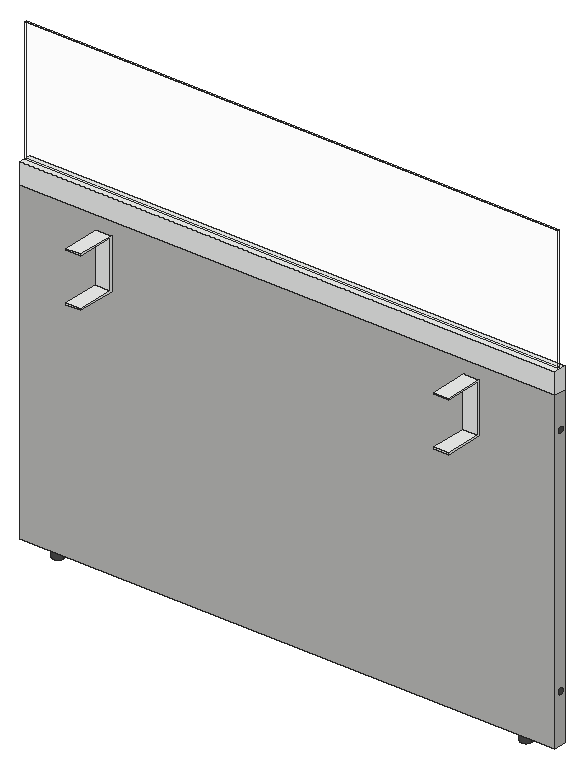
Revit family "Screens-Beam_Mounted-Teknion-JNSFGB_Floor_Screen-R20161", category Furniture, Revit 2016
Family settings
  OmniClass Number = 23.40.70.14.64.21
  OmniClass Title = Systems Furniture
  Work Plane-Based = No
  Always vertical = Yes
  Cut with Voids When Loaded = No
  Shared = Yes
  Room Calculation Point = No
Parameters (values of type "Standard Width")
  With Alignment Holes [instance] = yes
  Width [instance] = 48.000"
  Warranty = "http://www.teknion.com/ca/papers/legal-canada"
  Unit Weight URL = "http://www.teknion.com/ca/tools/assets#&asset=bee6a381-b954-425e-8283-5a2de3a804f2,f828d448-4b62-4231-9e5f-9a8991c0ed77"
  URL = "www.teknion.com"
  To render, please download texture images found here [instance] = "https://assets.teknion.com/web/5e81352c1dfdb467/revit-material-swatches/"
  Sustainability Data = "https://www.teknion.com/ca/tools/assets#&topic=216f99a5-57a0-44fc-b10a-9dee9b29ae4c&asset=444deb64-fe58-4b68-981e-f75e97781df7,b4ff2d81-9f2e-437d-9659-7cffb09c31cf"
  Standard Width = yes
  Series = "Expansion Cityline"
  Screen Finish [instance] = Foundation Laminate - Teknion - XG - Very White
  Right Offset = if(or([One Side - Right Width Extension], [Both Sides - Width Extension]), 1.016", 0.000")  # 0.000"
  Product Page URL = "https://www.teknion.com/ca/products/product-details?productlineid=9ad2a26e-8e7a-673b-a6c8-ff05004460c4"
  Product Line = "Expansion Cityline"
  Product Documentation Link = "https://www.teknion.com/pricing/expansion-cityline/pdfs/JNSFGB_ppg.pdf"
  One Side - Right Width Extension = no
  One Side - Left Width Extension = no
  Model = "JNSFGB___S_"
  Manufacturer Phone = "416-661-3370"  # constant formula
  Manufacturer Fax = "416.661.4586"  # constant formula
  Manufacturer Contact Information = "http://www.teknion.com/ca/contactus"
  Manufacturer Address = "1150 Flint Road, Toronto, ON. M3J 2J5. Canada"  # constant formula
  Manufacturer = "Teknion"  # constant formula
  Left Offset = if(or([One Side - Left Width Extension], [Both Sides - Width Extension]), 1.016", 0.000")  # 0.000"
  How To Use Teknion Materials User Guide [instance] = "https://assets.teknion.com/m/205dd0a49fa58060/original/How-to-add-a-Material-Library-and-Texture-Images-to-your-Revit-project.pdf"
  Glass Starting Height [instance] = 29.000"
  Glass Finish [instance] = Glass - Teknion - CL - Clear
  Frame Finish [instance] = Paint - Teknion - Mica - Very White
  For Additional Finishes, please visit [instance] = "https://assets.teknion.com/m/44a8009b046e5d47/original/Teknion_Materials_Library.zip"
  Description = "Floor Screen with Glass – Beam-Mounted, Standard Width"
  Datum Height [instance] = 42.000"
  Both Sides - Width Extension = no
  Available Glass Starting Height [instance] = if(Datum Height = 42.000", "Please enter in 29 inches below.", if(Datum Height = 51.000", "Please enter in 29 or 42 inches below.", "Please enter in 42 inches below."))  # "Please enter in 29 inches below."
  Available Datum Heights [instance] = "42, 51, 57 inches."  # constant formula
  Actual Glass Starting Height [instance] = if(Glass Starting Height = 29.000", 30.000", 43.000")  # 30.000"
  Bracket Spacing [instance] = Width - 15.000"  # 33.000"
  Available Widths [instance] = if([Both Sides - Width Extension], "48 to 84 inches in 6 inch increments.", "24 to 84 inches in 6 inch increments.")  # "24 to 84 inches in 6 inch increments."
  Assembly Code = "E2020200"
Types (5): name | Standard Width | Right Offset | One Side - Right Width Extension | One Side - Left Width Extension | Model | Left Offset | Description | Both Sides - Width Extension | Available Widths
  (no name) | yes | 0.000" | no | no | "JNSFGB___S_" | 0.000" | "Floor Screen with Glass – Beam-Mounted, Standard Width" | no | "24 to 84 inches in 6 inch increments."
  Standard Width | yes | 0.000" | no | no | "JNSFGB___S_" | 0.000" | "Floor Screen with Glass – Beam-Mounted, Standard Width" | no | "24 to 84 inches in 6 inch increments."
  Both Sides Width Extension | no | 1.016" | no | no | "JNSFGB___B_" | 1.016" | "Floor Screen with Glass – Beam-Mounted, Both Sides Width Extension" | yes | "48 to 84 inches in 6 inch increments."
  One Side - Left Width Extension | no | 0.000" | no | yes | "JNSFGB___L_" | 1.016" | "Floor Screen with Glass – Beam-Mounted, One Side - Left Width Extension" | no | "24 to 84 inches in 6 inch increments."
  One Side - Right Width Extension | no | 1.016" | yes | no | "JNSFGB___R_" | 0.000" | "Floor Screen with Glass – Beam-Mounted, One Side - Right Width Extension" | no | "24 to 84 inches in 6 inch increments."
Reference planes (in)
  plane 1 "Center F/B": y = 0.50787
  plane 2: z = 0
  plane 3 "Center L/R": x = 0
  plane 4 "Top": z = 42
  plane 5: x = -24
  plane 6: y = 0
  plane 7: y = 1.01575
  plane 8: x = 24
  plane 9: y = -0.11811
  plane 10 "Left Offset": x = -24
  plane 11 "Right Offset": x = 24
  plane 12: z = 27.81102
  plane 13: z = 23.30315
  plane 14: z = 27.69291
  plane 15: z = 23.42126
  plane 16: y = -3.38583
  plane 17: x = -16.5
  plane 18: x = 16.5
  plane 19: z = 30
Forms (in)
  Sweep 1, solid, material "Foundation Laminate - Teknion - XG - Very White" <- "Screen Finish"
    path origin (0, 0, 0) x (1, 0, 0) y (0, 1, 0)
      loop
        line (-24, 0) -> (-24, 1.01575)
    profile origin (-24, 0.50787, 0) x (-1, 0, 0) y (0, 0, 1)
      loop
        line (0, 29) -> (-48, 29) -> (-48, 0.60236) -> (0, 0.60236) -> (0, 29)
  Sweep 2, solid, material "Glass - Teknion - CL - Clear" <- "Glass Finish"
    path origin (0, 0, 0) x (1, 0, 0) y (0, 1, 0)
      loop
        line (-23.94094, 0.38976) -> (-23.94094, 0.62598)
    profile origin (-23.94094, 0.50787, 0) x (-1, 0, 0) y (0, 0, 1)
      loop
        line (0, 42) -> (-47.88189, 42) -> (-47.88189, 30.88976) -> (0, 30.88976) -> (0, 42)
  Sweep 3, solid, material "Paint - Teknion - Mica - Very White" <- "Frame Finish"
    path origin (0, 0, 0) x (1, 0, 0) y (0, 1, 0)
      loop
        line (-23.94094, 0) -> (-23.94094, 1.01575)
    profile origin (-23.94094, 0.50787, 0) x (-1, 0, 0) y (0, 0, 1)
      loop
        line (0.05906, 30.88976) -> (-47.94094, 30.88976) -> (-47.94094, 29) -> (0.05906, 29) -> (0.05906, 30.88976)
  Sweep 4, solid, material "Plastic - Teknion - E - Ebony"
    path origin (0, 0.50787, 0) x (1, 0, 0) y (0, 0, 1)
      loop
        line (-21, 0) -> (-21, 0.60236)
    profile origin (-21, 0.50787, 0.30118) x (-1, 0, 0) y (0, -1, 0)
      loop
        circle (0, 0) r 0.5
      loop
        circle (-42, 0) r 0.5
  Sweep 5, solid, material "Paint - Teknion - Mica - Very White" <- "Frame Finish"
    path origin (0, 0, 0) x (1, 0, 0) y (0, 1, 0)
      loop
        line (-17.16929, -3.38583) -> (-15.83071, -3.38583)
    profile origin (-16.5, -3.38583, 0) x (0, 1, 0) y (0, 0, 1)
      loop
        line (0, 27.69291) -> (3.26772, 27.69291) -> (3.26772, 23.42126) -> (0, 23.42126) -> (0, 23.30315) -> (3.38583, 23.30315) -> (3.38583, 27.81102) -> (0, 27.81102) -> (0, 27.69291)
  Sweep 6, solid, material "Paint - Teknion - Mica - Very White" <- "Frame Finish"
    path origin (9, 0, 0) x (1, 0, 0) y (0, 1, 0)
      loop
        line (6.83071, -3.38583) -> (8.16929, -3.38583)
    profile origin (16.5, -3.38583, 0) x (0, 1, 0) y (0, 0, 1)
      loop
        line (0, 27.69291) -> (3.26772, 27.69291) -> (3.26772, 23.42126) -> (0, 23.42126) -> (0, 23.30315) -> (3.38583, 23.30315) -> (3.38583, 27.81102) -> (0, 27.81102) -> (0, 27.69291)
  Sweep 7, solid, material "Plastic - Teknion - E - Ebony", visible <- "With Alignment Holes"
    path origin (0, 0, 0) x (1, 0, 0) y (0, 1, 0)
      loop
        line (-24, 0.50787) -> (-24.07874, 0.50787)
    profile origin (-24.03937, 0.50787, 0) x (0, -1, 0) y (0, 0, 1)
      loop
        circle (0, 26) r 0.23571
      loop
        circle (0, 5.0005) r 0.23571
  Sweep 8, solid, material "Plastic - Teknion - E - Ebony", visible <- "With Alignment Holes"
    path origin (1.016, 0, 0) x (-1, 0, 0) y (0, 1, 0)
      loop
        line (-22.984, 0.50787) -> (-23.06274, 0.50787)
    profile origin (24.03937, 0.50787, 0) x (0, 1, 0) y (0, 0, 1)
      loop
        circle (0, 26) r 0.23571
      loop
        circle (0, 5.0005) r 0.23571
Lines and regions (in)
  Masking region 1
    outline origin (0, 0, 0) x (1, 0, 0) y (0, 1, 0)
      loop
        line (-24, 1.01575) -> (-24, 0) -> (24, 0) -> (24, 1.01575) -> (-24, 1.01575)
  Masking region 2, visible <- "With Alignment Holes"
    outline origin (0, 0, 0) x (1, 0, 0) y (0, 1, 0)
      loop
        line (-24, 0.74358) -> (-24.07874, 0.74358) -> (-24.07874, 0.27216) -> (-24, 0.27216) -> (-24, 0.74358)
      loop
        line (24, 0.27216) -> (24.07874, 0.27216) -> (24.07874, 0.74358) -> (24, 0.74358) -> (24, 0.27216)
  Masking region 3
    outline origin (0, 0, 0) x (1, 0, 0) y (0, 1, 0)
      loop
        line (-15.83071, -3.38583) -> (-15.83071, 0) -> (-17.16929, 0) -> (-17.16929, -3.38583) -> (-15.83071, -3.38583)
      loop
        line (15.83071, -3.38583) -> (17.16929, -3.38583) -> (17.16929, 0) -> (15.83071, 0) -> (15.83071, -3.38583)
  symbolic lines
    curve 1: line (-23.94094, 0.62598, 0) -> (23.94094, 0.62598, 0)
    curve 2: line (-23.94094, 0.38976, 0) -> (-23.94094, 0.62598, 0)
    curve 3: line (23.94094, 0.38976, 0) -> (-23.94094, 0.38976, 0)
    curve 4: line (23.94094, 0.62598, 0) -> (23.94094, 0.38976, 0)
  symbolic lines, detail levels fine
    curve 5: arc (-20.5, 0.50787, 0) -> (-21, 1.00787, 0) -> (-21.5, 0.50787, 0) r 0.5
    curve 6: arc (-21.5, 0.50787, 0) -> (-21, 0.00787, 0) -> (-20.5, 0.50787, 0) r 0.5
    curve 7: arc (20.5, 0.50787, 0) -> (21, 0.00787, 0) -> (21.5, 0.50787, 0) r 0.5
    curve 8: arc (21.5, 0.50787, 0) -> (21, 1.00787, 0) -> (20.5, 0.50787, 0) r 0.5
    curve 9: line (-17.16929, -0.11811, 0) -> (-15.83071, -0.11811, 0)
    curve 10: line (15.83071, -0.11811, 0) -> (17.16929, -0.11811, 0)
  reference lines, not visible
    curve 11: line (-24, 1.01575, 0) -> (-24, 0, 0)
    curve 12: line (24, 1.01575, 0) -> (24, 0, 0)
Dimensions and locks (in)
  "Datum Height": plane 4 "Top" to level
  equal spacing: plane 6, plane 1 "Center F/B", plane 7
  locked: plane 7 to plane 6 at 1.01575
  locked: plane 6 to plane 9 at 0.11811
  "Width": plane 5 to plane 8
  "Left Offset": plane 10 "Left Offset" to plane 5
  "Right Offset": plane 8 to plane 11 "Right Offset"
  locked: Sweep 2 sketch curve to plane 10 "Left Offset" at 0.05906
  locked: plane 11 "Right Offset" to Sweep 2 sketch curve at 0.05906
  locked: plane 5 to Sweep 4 sketch curve at 3
  locked: plane 7 to Sweep 4 sketch curve at 0.50787  (x2)
  locked: Sweep 4 sketch curve to plane 8 at 3
  plane 2 to plane 13 to plane 15 to plane 14 to plane 12 = 23.30315" locked, 0.11811" locked, 4.27165" locked, 0.11811" locked
  locked: plane 9 to plane 16 at 3.26772
  equal spacing: plane 18, plane 3 "Center L/R", plane 17
  Sweep 5 to plane 17 to Sweep 5 = 0.66929" locked, 0.66929" locked
  "Bracket Spacing": plane 18 to plane 17
  Sweep 6 to plane 18 to Sweep 6 = 0.66929" locked, 0.66929" locked
  "Actual Glass Starting Height": plane 19 to level
  locked: Sweep 2 sketch curve to plane 19 at 0.88976
  Sweep 3 sketch curve to plane 19 to Sweep 3 sketch curve = 0.88976" locked, 1.000" locked
  locked: plane 19 to Sweep 1 sketch curve at 1
  locked: Sweep 7 sketch curve to plane 2 at 5.0005
  locked: plane 1 "Center F/B" to Sweep 7 sketch curve at 0  (x2)
  locked: Sweep 7 sketch curve to plane 19 at 4
  locked: Sweep 8 sketch curve to Sweep 8 sketch curve at 0.07874
  locked: Sweep 7 sketch curve to Sweep 7 sketch curve at 0.07874
  locked: Sweep 8 sketch curve to plane 19 at 4
  locked: plane 1 "Center F/B" to Sweep 8 sketch curve at 0  (x2)
  locked: Sweep 8 sketch curve to plane 2 at 5.0005
  Masking region 2 sketch curve to plane 1 "Center F/B" to Masking region 2 sketch curve = 0.23571" locked, 0.23571" locked  (x2)
  equal spacing: plane 5, plane 3 "Center L/R", plane 8
  aligned and locked: plane 2 to level
  aligned and locked: Sweep 3 sketch curve to plane 11 "Right Offset"
  aligned and locked: Sweep 1 sketch curve to plane 11 "Right Offset"
  aligned and locked: plane 10 "Left Offset" to Sweep 1 sketch curve
  aligned and locked: plane 10 "Left Offset" to Sweep 3 sketch curve
  aligned and locked: plane 14 to Sweep 5 sketch curve
  aligned and locked: plane 12 to Sweep 5 sketch curve
  aligned and locked: plane 9 to Sweep 5 sketch curve
  aligned and locked: plane 6 to Sweep 5 sketch curve
  aligned and locked: plane 13 to Sweep 5 sketch curve
  aligned and locked: plane 15 to Sweep 5 sketch curve
  aligned and locked: plane 16 to Sweep 5 sketch curve  (x2)
  aligned and locked: Sweep 6 sketch curve to plane 12
  aligned and locked: Sweep 6 sketch curve to plane 14
  aligned and locked: plane 16 to Sweep 6 sketch curve  (x2)
  aligned and locked: Sweep 6 sketch curve to plane 9
  aligned and locked: Sweep 6 sketch curve to plane 6
  aligned and locked: Sweep 6 sketch curve to plane 13
  aligned and locked: Sweep 6 sketch curve to plane 15
  aligned and locked: Sweep 2 sketch curve to plane 4 "Top"
  aligned and locked: plane 11 "Right Offset" to Sweep 8 sketch curve
  aligned and locked: plane 10 "Left Offset" to Sweep 7 sketch curve
  aligned and locked: Masking region 1 sketch curve to plane 7
  aligned and locked: Masking region 1 sketch curve to plane 11 "Right Offset"
  aligned and locked: Masking region 1 sketch curve to plane 10 "Left Offset"
  aligned and locked: Masking region 1 sketch curve to Sweep 3
  aligned and locked: curve 1 to Sweep 2
  aligned and locked: curve 2 to Sweep 2
  aligned and locked: curve 3 to Sweep 2
  aligned and locked: curve 4 to Sweep 2
  aligned and locked: curve 5 to Sweep 4
  aligned and locked: curve 6 to Sweep 4
  aligned and locked: curve 7 to Sweep 4
  aligned and locked: curve 8 to Sweep 4
  aligned and locked: Masking region 2 sketch curve to Sweep 7  (x2)
  aligned and locked: Masking region 2 sketch curve to Sweep 8  (x2)
  aligned and locked: Masking region 3 sketch curve to Sweep 5  (x3)
  aligned and locked: Sweep 3 to Masking region 3 sketch curve
  aligned and locked: curve 9 to Sweep 5
  aligned and locked: curve 10 to Sweep 6
  aligned and locked: plane 6 to Masking region 3 sketch curve
  aligned and locked: Masking region 3 sketch curve to Sweep 6  (x3)
  aligned and locked: curve 11 to plane 10 "Left Offset"
  aligned and locked: curve 12 to plane 11 "Right Offset"
Automatic sketch dimensions
  Sweep 1 sketch curve to plane 5 = 0.000"
  Sweep 1 sketch curve to plane 6 = 0.000"
  Sweep 1 sketch curve to plane 7 = 0.000"
  level to Sweep 1 sketch curve = 0.60236"
  Sweep 2 sketch curve to plane 5 = 0.05906"
  plane 1 "Center F/B" to Sweep 2 sketch curve = 0.11811"
  Sweep 2 sketch curve to plane 1 "Center F/B" = 0.11811"
  Sweep 3 sketch curve to plane 7 = 0.000"
  Sweep 3 sketch curve to plane 6 = 0.000"
  Sweep 3 sketch curve to plane 5 = 0.05906"
  Sweep 4 sketch curve to level = 0.000"
  level to Sweep 4 sketch curve = 0.60236"
  Sweep 4 sketch curve to plane 5 = 3.000"
  Sweep 5 sketch curve to plane 16 = 0.000"
  Sweep 5 sketch curve to plane 17 = 0.66929"
  plane 17 to Sweep 5 sketch curve = 0.66929"
  plane 16 to Sweep 6 sketch curve = 0.000"
  Sweep 6 sketch curve to plane 18 = 0.66929"
  plane 18 to Sweep 6 sketch curve = 0.66929"
  Sweep 7 sketch curve to plane 1 "Center F/B" = 0.000"
  plane 1 "Center F/B" to Sweep 8 sketch curve = 0.000"
  curve 9 to plane 17 = 0.66929"
  plane 17 to curve 9 = 0.66929"
  curve 10 to plane 18 = 0.66929"
  plane 18 to curve 10 = 0.66929"
  curve 11 to plane 6 = 0.000"
  curve 11 to plane 7 = 0.000"
  curve 12 to plane 6 = 0.000"
  curve 12 to plane 7 = 0.000"
  radius of Sweep 4 sketch curve = 0.500"  (x2)
  radius of Sweep 7 sketch curve = 0.23571"  (x2)
  radius of Sweep 8 sketch curve = 0.23571"  (x2)
